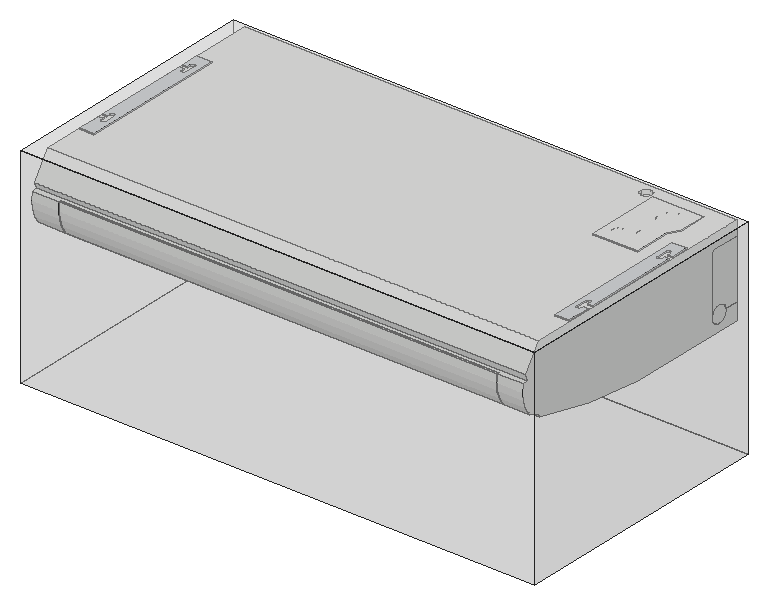
Revit family "outputfile", category 機械設備, Revit 2024
Family settings
  丸型コネクタ寸法 = 半径を使用
  パーツ タイプ = 標準
  OmniClass 番号 = 23.75.10.24.21.27.27
  OmniClass タイトル = Split System Air Conditioning Units
  作業面ベース = いいえ
  常に垂直 = はい
  ロード時にボイドで切り取り = いいえ
  注釈の向きを維持 = いいえ
  共有 = いいえ
  部屋計算ポイント = はい
Parameters (values of type "FHA24CV2S")
  Description = ""
  製造元 = "Daikin"
  書き出し IFC クラス(タイプ) = "IfcUnitaryEquipmentType"
  定義済み IFC タイプ(タイプ) = "AIRCONDITIONINGUNIT"
  Cost = 0
  モデル = "FHA24CV2S"
  Type Comments = ""
  Keynote = ""
  Type Image = (empty or 0)
  Assembly Code = ""
  switch_frequency = yes
  r_Liquid Pipe Size = Liquid Pipe Size / 2  # 4.75 mm
  r_Gas Pipe Size = Gas Pipe Size / 2  # 7.95 mm
  r_Drain Pipe Size = Drain Pipe Size / 2  # 10.0 mm
  l_powersupply [instance] = if(Rear Right Connection_powersupply, 29.0 mm, 175.0 mm)  # 29.0 mm
  h_mountinghole = 2.0 mm  # constant formula
  connector_voltage = Voltage_50Hz  # 220 V
  connector_powerinput = [Power Input (Cooling)]  # 0.000 kW
  connector_phase = Phase_50Hz  # 1
  angle_vertical_powersupply [instance] = if(Rear Right Connection_powersupply, 90.00°, 180.00°)  # 90.00°
  angle_vertical_drainpipe [instance] = if(or(Left Connection_drainpipe, Right Connection_drainpipe), 90.00°, if(Top Connection_drainpipe, 180.00°, -90.00°))  # -90.00°
  angle_horizontal_powersupply [instance] = if(Rear Right Connection_powersupply, 180.00°, 0.00°)  # 180.00°
  angle_horizontal_drainpipe [instance] = if(Right Connection_drainpipe, 90.00°, if(Left Connection_drainpipe, -90.00°, 0.00°))  # 0.00°
  Voltage_comment_50Hz = "220 - 240"
  Voltage_50Hz = 220 V
  URL = ""
  Top Connection_refrigerant [instance] = no
  Top Connection_powersupply [instance] = not(Rear Right Connection_powersupply)  # no
  Right Connection_refrigerant [instance] = no
  Rear Right Connection_refrigerant [instance] = yes
  Phase_50Hz = 1
  Minimum Circuit Amps_50Hz = 0.0 A
  Maximum Fuse Amps_50Hz = 0.0 A
  Material_Casing = DAIKIN_White_Casing_indoorunit
  lw_powersupply [instance] = if(Rear Right Connection_powersupply, 220.0 mm, 210.0 mm)  # 220.0 mm
  lw_mountinghole_pitch = Width - 40.0 mm  # 1230.0 mm
  lw_mountinghole = 20.0 mm  # constant formula
  lw_liquidpipe [instance] = if(Right Connection_refrigerant, 156.0 mm, if(Top Connection_refrigerant, 156.0 mm, 136.0 mm))  # 136.0 mm
  lw_gaspipe = 105.0 mm  # constant formula
  lw_drainpipe [instance] = if(Top Connection_drainpipe, 102.0 mm, if(Width = 960.0 mm, if(or(Left Connection_drainpipe, Rear Left Connection_drainpipe), 884.0 mm, 83.0 mm), if(Width = 1270.0 mm, if(or(Left Connection_drainpipe, Rear Left Connection_drainpipe), 1194.0 mm, 83.0 mm), if(Width = 1590.0 mm, if(or(Left Connection_drainpipe, Rear Left Connection_drainpipe), 1514.0 mm, 83.0 mm), 83.0 mm))))  # 83.0 mm
  lh_powersupply = 175.0 mm  # constant formula
  lh_liquidpipe [instance] = if(Rear Right Connection_refrigerant, 160.0 mm, 131.0 mm)  # 160.0 mm
  lh_gaspipe [instance] = if(Rear Right Connection_refrigerant, 150.0 mm, 91.0 mm)  # 150.0 mm
  lh_drainpipe = 197.0 mm  # constant formula
  l_antena = 1.0 mm  # constant formula
  ld_powersupply = 30.0 mm  # constant formula
  ld_mountinghole_pitch = 260.0 mm  # constant formula
  ld_mountinghole = 210.0 mm  # constant formula
  ld_liquidpipe [instance] = if(Right Connection_refrigerant, 57.0 mm, if(Top Connection_refrigerant, 189.0 mm, 221.0 mm))  # 221.0 mm
  ld_gaspipe [instance] = if(Right Connection_refrigerant, 57.0 mm, if(Top Connection_refrigerant, 163.0 mm, 214.0 mm))  # 214.0 mm
  ld_drainpipe [instance] = if(or(Left Connection_drainpipe, Right Connection_drainpipe), 57.0 mm, if(Top Connection_drainpipe, 87.0 mm, 268.0 mm))  # 268.0 mm
  l_liquidpipe_length [instance] = if(Right Connection_refrigerant, 156.0 mm, if(Top Connection_refrigerant, 131.0 mm, 220.0 mm))  # 220.0 mm
  l_gaspipe_length [instance] = if(Right Connection_refrigerant, 105.0 mm, if(Top Connection_refrigerant, 91.0 mm, 213.0 mm))  # 213.0 mm
  l_drainpipe_length [instance] = if(Right Connection_drainpipe, 83.0 mm, if(Top Connection_drainpipe, 197.0 mm, if(Left Connection_drainpipe, 76.0 mm, 267.0 mm)))  # 267.0 mm
  h*** = 0.0 mm  # constant formula
  angle_vertical [instance] = if(Right Connection_refrigerant, 90.00°, if(Top Connection_refrigerant, 180.00°, -90.00°))  # -90.00°
  angle_horizontal [instance] = if(Right Connection_refrigerant, 90.00°, 0.00°)  # 0.00°
  Width = 1270.0 mm
  Version = "ver.1.0"
  Unit Type = "Ceiling"
  Unit Mass Weight = 32.00 kg
  Unit Designation [instance] = ""
  Uniclass2015Version = "Products v1.30"
  Uniclass2015Title = "Split coil room air conditioning units"
  Uniclass2015Code = "Pr_70_65_03_86"
  Total Cooling Capacity [instance] = 0.000 kW
  Top Connection_drainpipe [instance] = no
  Sound Pressure Level_M speed (dBA) = 36
  Sound Pressure Level_L speed (dBA) = 34
  Sound Pressure Level_H speed (dBA) = 38
  Series = "SkyAir_Fan Coil Unit"
  Sensible Cooling Capacity [instance] = 0.000 kW
  Rear Right Connection_drainpipe [instance] = yes
  Rear Right Connection_powersupply [instance] = yes
  Right Connection_drainpipe [instance] = no
  Refrigerant Type = "R32"
  Power Input (Cooling) = 0.000 kW
  Option Accessory 3 [instance] = ""
  Option Accessory 2 [instance] = ""
  Option Accessory 1 [instance] = ""
  Nominal Cooling Capacity = 7.000 kW
  Minimum Airflow = 840.00 m³/h
  Median Airflow = 1020.00 m³/h
  Maximum Airflow = 1230.00 m³/h
  Load Classification = HVAC
  Liquid Pipe Size = 9.5 mm
  Link_Nested Family [instance] = ""
  Rear Left Connection_drainpipe [instance] = no
  Left Connection_drainpipe [instance] = no
  IfcVersion = ""
  IfcExportType = "AIRCONDITIONINGUNIT"
  IfcExportAs = "IfcUnitaryEquipmentType"
  Height = 235.0 mm
  Heat Exchanger Type = "Cross Fin Coil"
  Gas Pipe Size = 15.9 mm
  Frequency_50Hz = 50 Hz
  Fan Type = "Sirocco Fan"
  Fan Drive = "Direct Drive"
  FCU Tag No. [instance] = ""
  Drain Pipe Size = 20.0 mm
  Design Supply Airflow [instance] = 0.00 m³/h
  Design Outdoor Airflow [instance] = 0.00 m³/h
  Depth = 690.0 mm
  既定の高さ = 0.0 mm
  Cooling Entering Wet Bulb Temperature [instance] = 0.00 °C
  Cooling Entering Dry Bulb Temperature [instance] = 0.00 °C
  Cooling Ambient Wet Bulb Temperature [instance] = 0.00 °C
  Cooling Ambient Dry Bulb Temperature [instance] = 0.00 °C
  Clearance visibility [instance] = yes
  Clearance Top = 5.0 mm
  Clearance Right = 30.0 mm
  Clearance Rear = 0.0 mm
  Clearance Left = 30.0 mm
  Clearance Front = 0.0 mm
  Clearance Bottom = 300.0 mm
Reference planes
  plane 1 "Back": y = 0
  plane 2: z = 0
  plane 3 "Center (Left/Right)": x = 0
  plane 4 "Center (Front/Back)": y = -1
  plane 5 "Front": y = -690
  plane 6 "Left": x = -635
  plane 7 "Right": x = 635
  plane 8 "Top": z = 0
  plane 9 "Bottom": z = -235
  plane 10: y = -690
  plane 11: x = -665
  plane 12: x = 665
  plane 13: z = 5
  plane 14: z = -535
  plane 15: y = 0
  plane 16 "lw_mountinghole": x = -615
  plane 17 "lw_mountinghole2": x = 615
  plane 18 "ld_mountinghole": y = -210
  plane 19 "ld_mountinghole2": y = -470
  plane 20 "lw_gaspipe": x = 530
  plane 21 "ld_gaspipe": y = -214
  plane 22 "lh_gaspipe": z = -150
  plane 23 "lw_liquidpipe": x = 499
  plane 24 "ld_liquidpipe": y = -221
  plane 25 "lh_liquidpipe": z = -160
  plane 26 "ld_drainpipe": y = -268
  plane 27 "lw_drainpipe": x = 552
  plane 28 "lh_drainpipe": z = -197
  plane 29 "lw_powersupply": x = 415
  plane 30 "lh_powersupply": z = -175
  plane 31 "ld_powersupply": y = -30
  plane 32: x = -565.5
  plane 33: x = 565.5
  plane 34: x = -590
  plane 35: x = 590
  plane 36: x = -2
  plane 37: x = 2
Forms (mm)
  Extrusion 1, solid, material "DAIKIN_White_Casing_indoorunit" <- "Material_Casing"
    sketch origin (0, 0, 0) x (0, 1, 0) y (0, 0, 1)
      loop
        line (-639.277, 0) -> (-680.876, -61.699) -> (-675.026, -77.772)
        arc (-675.026, -77.772) -> (-681.815, -78.743) -> (-688.601, -79.732) r 2634.132
        arc (-688.601, -79.732) -> (-687.018, -121.096) -> (-669.159, -158.439) r 102.2
        line (-669.159, -158.439) -> (-639.858, -169.325) -> (-635.895, -178.261)
        arc (-635.895, -178.261) -> (-479.121, -215.759) -> (-319.077, -235) r 1400.997
        line (-319.077, -235) -> (-1, -235) -> (-1, 0) -> (-639.277, 0)
    from -635 to 635
  Extrusion 2, solid, material "DAIKIN_White_Casing_indoorunit" <- "Material_Casing"
    sketch origin (0, 0, 0) x (0, 1, 0) y (0, 0, 1)
      loop
        arc (-688.601, -79.732) -> (-687.018, -121.096) -> (-669.159, -158.439) r 102.2
        line (-669.159, -158.439) -> (-665.589, -154.869)
        arc (-665.589, -154.869) -> (-682.432, -118.783) -> (-683.39, -78.971) r 97.2
        arc (-683.39, -78.971) -> (-685.996, -79.351) -> (-688.601, -79.732) r 2634.132
    from -565.5 to 565.5
  Extrusion 3, void
    sketch origin (0, 0, 0) x (0, 1, 0) y (0, 0, 1)
      loop
        line (-301.098, -235) -> (-21.098, -235) -> (-21.098, -230) -> (-301.098, -230) -> (-301.098, -235)
    from -590 to 590
  Extrusion 4, solid, material "DAIKIN_White_Grille_indoorunit"
    sketch origin (0, 0, 0) x (0, 1, 0) y (0, 0, 1)
      loop
        line (-20.098, -230) -> (-301.098, -230) -> (-301.098, -235) -> (-20.098, -235) -> (-20.098, -230)
    from -590 to -2
  Extrusion 5, solid, material "DAIKIN_White_Casing_indoorunit" <- "Material_Casing"
    sketch origin (0, 0, 0) x (1, 0, 0) y (0, 0, 1)
      loop
        line (442, -63) -> (442, -178) -> (513, -220) -> (576, -220) -> (576, -63) -> (442, -63)
    from 0 to 1
  Extrusion 6, solid, material "DAIKIN_White_Casing_indoorunit" <- "Material_Casing"
    sketch origin (0, 0, 0) x (-1, 0, 0) y (0, -1, 0)
      loop
        line (-447, 35) -> (-447, 230) -> (-563, 230) -> (-563, 135) -> (-578, 105) -> (-578, 35) -> (-447, 35)
    from 0 to 1.9
  Extrusion 7, void
    sketch origin (635, 0, 0) x (0, 1, 0) y (0, 0, 1)
      loop
        arc (-79.5, -195) -> (-55.446, -217.446) -> (-34.715, -191.9) r 22.5
        line (-34.715, -191.9) -> (-1, -191.9) -> (-1, -190.1) -> (-35.04, -190.1)
        arc (-35.04, -190.1) -> (-54.942, -172.594) -> (-77.7, -186.182) r 22.5
        line (-77.7, -186.182) -> (-77.7, -43)
        arc (-77.7, -43) -> (-76.528, -40.172) -> (-73.7, -39) r 4
        line (-73.7, -39) -> (-1, -39) -> (-1, -37.2) -> (-73.7, -37.2)
        arc (-73.7, -37.2) -> (-77.801, -38.899) -> (-79.5, -43) r 5.8
        line (-79.5, -43) -> (-79.5, -195)
      loop
        circle (-57, -195) r 20.7
    from 0 to -10
  Extrusion 8, void
    sketch origin (-1444.026, -1, 1200) x (1, 0, 0) y (0, 0, 1)
      loop
        arc (875.026, -1375) -> (864.42, -1379.393) -> (860.026, -1390) r 15
        line (860.026, -1390) -> (860.026, -1400)
        arc (860.026, -1400) -> (864.42, -1410.607) -> (875.026, -1415) r 15
        line (875.026, -1415) -> (905.026, -1415)
        arc (905.026, -1415) -> (915.633, -1410.607) -> (920.026, -1400) r 15
        line (920.026, -1400) -> (920.026, -1390)
        arc (920.026, -1390) -> (915.633, -1379.393) -> (905.026, -1375) r 15
        line (905.026, -1375) -> (875.026, -1375)
    from 0 to 10
  Extrusion 9, void
    sketch origin (-635, 0, 0) x (0, 1, 0) y (0, 0, 1)
      loop
        circle (-57, -197) r 22.5
    from 0 to 10
  Extrusion 10, void
    sketch origin (-1444.026, -1, 1200) x (1, 0, 0) y (0, 0, 1)
      loop
        circle (1976.026, -1375) r 44
    from 0 to 10
  Extrusion 11, void
    sketch origin (0, 0, 0) x (-1, 0, 0) y (0, -1, 0)
      loop
        circle (-533, 87) r 30
    from 0 to -10
  Extrusion 12, void
    sketch origin (0, 0, 0) x (-1, 0, 0) y (0, -1, 0)
      loop
        circle (-530, 163) r 18
    from 0 to -10
  Extrusion 13, void
    sketch origin (0, 0, 0) x (-1, 0, 0) y (0, -1, 0)
      loop
        circle (-479, 189) r 13
    from 0 to -10
  Extrusion 14, void
    sketch origin (-1444.026, -1, 1200) x (1, 0, 0) y (0, 0, 1)
      loop
        circle (1859.026, -1375) r 14.5
    from 0 to 10
  Extrusion 15, void
    sketch origin (0, 0, 0) x (-1, 0, 0) y (0, -1, 0)
      loop
        circle (-425, 30) r 14.5
    from 0 to -10
  Extrusion 16, void
    sketch origin (635, 0, 0) x (0, 1, 0) y (0, 0, 1)
      loop
        arc (-665.589, -154.869) -> (-682.432, -118.783) -> (-683.39, -78.971) r 97.2
        arc (-683.39, -78.971) -> (-685.996, -79.351) -> (-688.601, -79.732) r 2634.132
        arc (-688.601, -79.732) -> (-687.018, -121.096) -> (-669.159, -158.439) r 102.2
        line (-669.159, -158.439) -> (-665.589, -154.869)
    from -69.5 to -1200.5
  Extrusion 17, solid, material "DAIKIN_White_Casing_indoorunit" <- "Material_Casing"
    sketch origin (-635, 0, 0) x (0, 1, 0) y (0, 0, 1)
      loop
        circle (-57, -197) r 22.5
    from 0 to 10
  Extrusion 18, solid, material "DAIKIN_White_Grille_indoorunit"
    sketch origin (780, 0, 0) x (0, 1, 0) y (0, 0, 1)
      loop
        line (-20.098, -230) -> (-301.098, -230) -> (-301.098, -235) -> (-20.098, -235) -> (-20.098, -230)
    from -782 to -778
  Extrusion 19, solid, material "DAIKIN_White_Grille_indoorunit"
    sketch origin (0, 0, 0) x (0, 1, 0) y (0, 0, -1)
      loop
        line (-20.098, 230) -> (-20.098, 235) -> (-301.098, 235) -> (-301.098, 230) -> (-20.098, 230)
    from -590 to -2
Cuts and joins
  Extrusion 3, Extrusion 7, Extrusion 8, Extrusion 9, Extrusion 10, Extrusion 11, Extrusion 12, Extrusion 13, Extrusion 14, Extrusion 15, Extrusion 16 cuts Extrusion 1
Lines and regions (mm)
  reference lines
    curve 1: line (635, -580.282, -192.75) -> (635, -551.225, -200.21)
Dimensions and locks
  equal spacing: plane 6 "Left", plane 3 "Center (Left/Right)", plane 7 "Right"
  "Width": plane 6 "Left" to plane 7 "Right"
  "Depth": plane 5 "Front" to plane 1 "Back"
  "Height": plane 8 "Top" to plane 9 "Bottom"
  "Clearance Front": plane 10 to plane 5 "Front"
  "Clearance Left": plane 11 to plane 6 "Left"
  "Clearance Right": plane 7 "Right" to plane 12
  "Clearance Top": plane 13 to plane 8 "Top"
  "Clearance Bottom": plane 9 "Bottom" to plane 14
  "Clearance Rear": plane 1 "Back" to plane 15
  locked: plane 4 "Center (Front/Back)" to plane 1 "Back" at 1
  locked: Extrusion 1 sketch curve to Extrusion 1 sketch curve at 235
  locked: Extrusion 1 sketch curve to Extrusion 1 sketch curve at 318.077
  locked: Extrusion 1 sketch curve to Extrusion 1 sketch curve at 1163.297
  locked: Extrusion 1 sketch curve to Extrusion 1 sketch curve at 231.144
  Extrusion 3 sketch curve to Extrusion 3 sketch curve to plane 1 "Back" = 280.0 mm locked, 21.098 mm locked
  "ld_mountinghole": plane 18 "ld_mountinghole" to plane 1 "Back"
  "ld_mountinghole_pitch": plane 18 "ld_mountinghole" to plane 19 "ld_mountinghole2"
  "lw_mountinghole_pitch": plane 16 "lw_mountinghole" to plane 17 "lw_mountinghole2"
  "lw_mountinghole": plane 6 "Left" to plane 16 "lw_mountinghole"
  "lw_gaspipe": plane 20 "lw_gaspipe" to plane 7 "Right"
  "ld_gaspipe": plane 1 "Back" to plane 21 "ld_gaspipe"
  "lw_liquidpipe": plane 23 "lw_liquidpipe" to plane 7 "Right"
  "ld_liquidpipe": plane 1 "Back" to plane 24 "ld_liquidpipe"
  "lw_drainpipe": plane 27 "lw_drainpipe" to plane 7 "Right"
  "ld_drainpipe": plane 26 "ld_drainpipe" to plane 1 "Back"
  plane 8 "Top" to Extrusion 5 sketch curve to Extrusion 5 sketch curve = 63.0 mm locked, 157.0 mm locked
  plane 7 "Right" to Extrusion 5 sketch curve to Extrusion 5 sketch curve = 59.0 mm locked, 134.0 mm locked
  locked: Extrusion 5 sketch curve to Extrusion 5 sketch curve at 115
  locked: Extrusion 5 sketch curve to Extrusion 5 sketch curve at 63
  locked: Extrusion 6 sketch curve to Extrusion 6 sketch curve at 195
  locked: Extrusion 6 sketch curve to Extrusion 6 sketch curve at 116
  locked: Extrusion 6 sketch curve to Extrusion 6 sketch curve at 131
  locked: Extrusion 6 sketch curve to Extrusion 6 sketch curve at 100
  locked: Extrusion 6 sketch curve to plane 1 "Back" at 35
  locked: Extrusion 6 sketch curve to plane 7 "Right" at 57
  locked: Extrusion 8 sketch curve to Extrusion 8 sketch curve at 40
  locked: Extrusion 8 sketch curve to Extrusion 8 sketch curve at 60
  locked: plane 8 "Top" to Extrusion 8 sketch curve at 175
  locked: Extrusion 8 sketch curve to plane 6 "Left" at 51
  locked: plane 7 "Right" to Extrusion 10 sketch curve at 103
  locked: plane 8 "Top" to Extrusion 10 sketch curve at 175
  locked: Extrusion 11 sketch curve to plane 1 "Back" at 87
  locked: Extrusion 11 sketch curve to plane 7 "Right" at 102
  locked: Extrusion 12 sketch curve to plane 1 "Back" at 163
  locked: Extrusion 12 sketch curve to plane 7 "Right" at 105
  locked: Extrusion 13 sketch curve to plane 1 "Back" at 189
  locked: Extrusion 13 sketch curve to plane 7 "Right" at 156
  "lw_powersupply": plane 29 "lw_powersupply" to plane 7 "Right"
  "lh_gaspipe": plane 8 "Top" to plane 22 "lh_gaspipe"
  "lh_liquidpipe": plane 8 "Top" to plane 25 "lh_liquidpipe"
  "lh_powersupply": plane 8 "Top" to plane 30 "lh_powersupply"
  "lh_drainpipe": plane 8 "Top" to plane 28 "lh_drainpipe"
  "ld_powersupply": plane 1 "Back" to plane 31 "ld_powersupply"
  locked: plane 8 "Top" to Extrusion 7 sketch curve at 195
  locked: Extrusion 7 sketch curve to plane 1 "Back" at 57
  locked: plane 9 "Bottom" to Extrusion 7 sketch curve at 43.1
  locked: Extrusion 7 sketch curve to plane 8 "Top" at 39
  locked: Extrusion 7 sketch curve to plane 1 "Back" at 79.5
  locked: Extrusion 9 sketch curve to plane 1 "Back" at 57
  locked: plane 8 "Top" to Extrusion 9 sketch curve at 197
  locked: Extrusion 17 sketch curve to plane 1 "Back" at 57
  locked: plane 8 "Top" to Extrusion 17 sketch curve at 197
  locked: plane 7 "Right" to Extrusion 14 sketch curve at 220
  locked: plane 8 "Top" to Extrusion 14 sketch curve at 175
  locked: Extrusion 15 sketch curve to plane 7 "Right" at 210
  locked: Extrusion 15 sketch curve to plane 1 "Back" at 30
  locked: curve 1 to plane 9 "Bottom" at 34.79
  locked: curve 1 to plane 9 "Bottom" at 42.25
  locked: plane 6 "Left" to plane 32 at 69.5
  locked: plane 33 to plane 7 "Right" at 69.5
  locked: plane 35 to plane 7 "Right" at 45
  locked: plane 6 "Left" to plane 34 at 45
  plane 36 to plane 3 "Center (Left/Right)" to plane 37 = 2.0 mm locked, 2.0 mm locked
  locked: curve 1 to plane 9 "Bottom" (angle 14.40°)
  aligned and locked: level to plane 2
  aligned and locked: nested 1 to plane 11
  aligned and locked: nested 1 to plane 12
  aligned and locked: nested 1 to plane 10
  aligned and locked: plane 13 to nested 1
  aligned and locked: plane 14 to nested 1
  aligned and locked: plane 15 to nested 1
  aligned and locked: Extrusion 1 sketch curve to plane 8 "Top"
  aligned and locked: Extrusion 2 sketch curve to Extrusion 1  (x2)
  aligned and locked: plane 7 "Right" to Extrusion 1
  aligned and locked: Extrusion 1 to plane 6 "Left"
  aligned and locked: cut or joined group 1 (Extrusion 1, Extrusion 3, Extrusion 7, Extrusion 8, Extrusion 9, Extrusion 10, Extrusion 11, Extrusion 12, Extrusion 13, Extrusion 14, Extrusion 15, Extrusion 16) to Extrusion 3 sketch curve
  aligned and locked: cut or joined group 1 to Extrusion 4 sketch curve
  aligned and locked: Extrusion 5 to plane 4 "Center (Front/Back)"
  aligned and locked: Extrusion 7 sketch curve to plane 4 "Center (Front/Back)"
  aligned and locked: Extrusion 16 sketch curve to Extrusion 2  (x4)
  aligned and locked: Extrusion 16 to Extrusion 2  (x2)
  aligned and locked: nested 2 to plane 26 "ld_drainpipe"
  aligned and locked: plane 27 "lw_drainpipe" to nested 2
  aligned and locked: plane 20 "lw_gaspipe" to nested 3
  aligned and locked: nested 3 to plane 21 "ld_gaspipe"
  aligned and locked: plane 23 "lw_liquidpipe" to nested 4
  aligned and locked: nested 4 to plane 24 "ld_liquidpipe"
  aligned and locked: plane 25 "lh_liquidpipe" to nested 4
  aligned and locked: nested 5 to plane 31 "ld_powersupply"
  aligned and locked: plane 29 "lw_powersupply" to nested 5
  aligned and locked: nested 7 to plane 18 "ld_mountinghole"
  aligned and locked: plane 16 "lw_mountinghole" to nested 7
  aligned and locked: nested 6 to plane 19 "ld_mountinghole2"
  aligned and locked: plane 16 "lw_mountinghole" to nested 6
  aligned and locked: nested 9 to plane 18 "ld_mountinghole"
  aligned and locked: plane 17 "lw_mountinghole2" to nested 9
  aligned and locked: plane 17 "lw_mountinghole2" to nested 8
  aligned and locked: nested 8 to plane 19 "ld_mountinghole2"
  aligned and locked: nested 10 to curve 1
  aligned and locked: level to plane 8 "Top"
  aligned and locked: cut or joined group 1 to plane 32
  aligned and locked: plane 33 to cut or joined group 1
  aligned and locked: Extrusion 16 to plane 32
  aligned and locked: plane 33 to Extrusion 16
  aligned and locked: Extrusion 4 to plane 34
  aligned and locked: cut or joined group 1 to plane 34
  aligned and locked: plane 34 to Extrusion 4  (x3)
  aligned and locked: plane 16 "lw_mountinghole" to nested 11
  aligned and locked: plane 17 "lw_mountinghole2" to nested 12
  aligned and locked: plane 36 to Extrusion 4
  aligned and locked: Extrusion 18 to plane 36
  aligned and locked: plane 37 to Extrusion 18
  aligned and locked: Extrusion 19 to plane 37
  aligned and locked: plane 37 to Extrusion 19
  aligned and locked: plane 35 to Extrusion 19
  aligned and locked: plane 35 to Extrusion 3
  aligned and locked: Extrusion 4 to cut or joined group 1
  aligned and locked: cut or joined group 1 to Extrusion 18
  aligned and locked: cut or joined group 1 to Extrusion 19
Automatic sketch dimensions
  Extrusion 1 sketch curve to plane 4 "Center (Front/Back)" = 0.0 mm
  Extrusion 1 sketch curve to plane 5 "Front" = 102.2 mm
  Extrusion 1 sketch curve to plane 30 "lh_powersupply" = 3.261 mm
  Extrusion 1 sketch curve to plane 5 "Front" = 50.723 mm
  plane 30 "lh_powersupply" to Extrusion 1 sketch curve = 5.675 mm
  Extrusion 1 sketch curve to Extrusion 1 sketch curve = 3.963 mm
  plane 25 "lh_liquidpipe" to Extrusion 1 sketch curve = 1.561 mm
  Extrusion 1 sketch curve to plane 5 "Front" = 20.841 mm
  Extrusion 1 sketch curve to plane 5 "Front" = 14.974 mm
  Extrusion 1 sketch curve to plane 5 "Front" = 9.124 mm
  Extrusion 1 sketch curve to plane 26 "ld_drainpipe" = 37.278 mm
  Extrusion 1 sketch curve to plane 14 = 2150.825 mm
  plane 22 "lh_gaspipe" to Extrusion 1 sketch curve = 53.413 mm
  Extrusion 1 sketch curve to level = 77.772 mm
  Extrusion 1 sketch curve to Extrusion 1 sketch curve = 16.072 mm
  Extrusion 2 sketch curve to Extrusion 2 sketch curve = 0.0 mm  (x2)
  plane 25 "lh_liquidpipe" to Extrusion 2 sketch curve = 1.561 mm
  Extrusion 2 sketch curve to plane 22 "lh_gaspipe" = 4.869 mm
  Extrusion 2 sketch curve to Extrusion 2 sketch curve = 3.57 mm
  Extrusion 3 sketch curve to Extrusion 3 sketch curve = 5.0 mm
  plane 31 "ld_powersupply" to Extrusion 4 sketch curve = 9.902 mm
  Extrusion 4 sketch curve to Extrusion 4 sketch curve = 5.0 mm
  Extrusion 6 sketch curve to Extrusion 6 sketch curve = 30.0 mm
  Extrusion 7 sketch curve to Extrusion 7 sketch curve = 0.0 mm  (x6)
  Extrusion 7 sketch curve to plane 4 "Center (Front/Back)" = 0.0 mm  (x2)
  Extrusion 7 sketch curve to Extrusion 7 sketch curve = 1.8 mm  (x2)
  Extrusion 7 sketch curve to Extrusion 7 sketch curve = 4.0 mm
  Extrusion 7 sketch curve to Extrusion 7 sketch curve = 0.325 mm
  Extrusion 8 sketch curve to plane 32 = 3.5 mm  (x2)
  Extrusion 8 sketch curve to plane 28 "lh_drainpipe" = 3.0 mm
  Extrusion 8 sketch curve to Extrusion 8 sketch curve = 15.0 mm
  curve 1 to plane 5 "Front" = 109.718 mm
  Extrusion 18 sketch curve to plane 9 "Bottom" = 0.0 mm
  plane 9 "Bottom" to Extrusion 18 sketch curve = 5.0 mm
  Extrusion 18 sketch curve to plane 26 "ld_drainpipe" = 33.098 mm
  plane 31 "ld_powersupply" to Extrusion 18 sketch curve = 9.902 mm
  Extrusion 19 sketch curve to plane 9 "Bottom" = 0.0 mm
  plane 9 "Bottom" to Extrusion 19 sketch curve = 5.0 mm
  Extrusion 19 sketch curve to plane 26 "ld_drainpipe" = 33.098 mm
  plane 31 "ld_powersupply" to Extrusion 19 sketch curve = 9.902 mm
  Extrusion 4 sketch curve to plane 26 "ld_drainpipe" = 33.098 mm
  radius of Extrusion 7 sketch curve = 20.7 mm
  radius of Extrusion 9 sketch curve = 22.5 mm
  radius of Extrusion 10 sketch curve = 44.0 mm
  radius of Extrusion 11 sketch curve = 30.0 mm
  radius of Extrusion 12 sketch curve = 18.0 mm
  radius of Extrusion 13 sketch curve = 13.0 mm
  radius of Extrusion 14 sketch curve = 14.5 mm
  radius of Extrusion 15 sketch curve = 14.5 mm
  radius of Extrusion 17 sketch curve = 22.5 mm
Nested families
  nested 1: "daikin_clearancespace" at (0, -345, -264.881), visible <- "Clearance visibility", show <- "Clearance visibility", Link_Nested Family <- "Link_Nested Family", type "daikin_clearancespace"
    with width 1330.0 mm, show yes, height 540.0 mm, depth 690.0 mm, Link_Nested Family ""
  nested 2: "daikin_connector_rotate3" at (552, -268, -197), radius <- "r_Drain Pipe Size", angle_vertical <- "angle_vertical_drainpipe", angle_horizontal <- "angle_horizontal_drainpipe", length <- "l_drainpipe_length", type "daikin_connector_rotate3"
    with show no, radius 10.0 mm, length 267.0 mm, angle_vertical -90.00°, angle_horizontal 0.00°
  nested 3: "daikin_connector_rotate3" at (530, -214, -150), radius <- "r_Gas Pipe Size", angle_vertical <- "angle_vertical", angle_horizontal <- "angle_horizontal", length <- "l_gaspipe_length", type "daikin_connector_rotate3"
    with show no, radius 7.95 mm, length 213.0 mm, angle_vertical -90.00°, angle_horizontal 0.00°
  nested 4: "daikin_connector_rotate3" at (499, -221, -160), radius <- "r_Liquid Pipe Size", angle_vertical <- "angle_vertical", angle_horizontal <- "angle_horizontal", length <- "l_liquidpipe_length", type "daikin_connector_rotate3"
    with show no, radius 4.75 mm, length 220.0 mm, angle_vertical -90.00°, angle_horizontal 0.00°
  nested 5: "daikin_connector_rotate3" at (415, -30, -175), length <- "l_powersupply", angle_vertical <- "angle_vertical_powersupply", angle_horizontal <- "angle_horizontal_powersupply", type "daikin_connector_rotate3"
    with show no, radius 10.0 mm, length 29.0 mm, angle_vertical 90.00°, angle_horizontal 180.00°
  nested 6: "daikin_mountinghole" at (-615, -470, 0), l_antenna <- "l_antena", Link_Nested Family <- "Link_Nested Family", h_mountinghole <- "h_mountinghole", type "daikin_mountinghole"
    with show yes, l_antenna 1.0 mm, h_mountinghole 2.0 mm, Link_Nested Family ""
  nested 7: "daikin_mountinghole" at (-615, -210, 0), l_antenna <- "l_antena", Link_Nested Family <- "Link_Nested Family", h_mountinghole <- "h_mountinghole", type "daikin_mountinghole"
    with show yes, l_antenna 1.0 mm, h_mountinghole 2.0 mm, Link_Nested Family ""
  nested 8: "daikin_mountinghole" at (615, -470, 0), l_antenna <- "l_antena", Link_Nested Family <- "Link_Nested Family", h_mountinghole <- "h_mountinghole", type "daikin_mountinghole"
    with show yes, l_antenna 1.0 mm, h_mountinghole 2.0 mm, Link_Nested Family ""
  nested 9: "daikin_mountinghole" at (615, -210, 0), Link_Nested Family <- "Link_Nested Family", l_antenna <- "l_antena", h_mountinghole <- "h_mountinghole", type "daikin_mountinghole"
    with show yes, l_antenna 1.0 mm, h_mountinghole 2.0 mm, Link_Nested Family ""
  nested 10: "daikin_logo_plane_w40" at (487.963, -559.801, -198.008) x (1, 0, 0) z (0, -0.2487, -0.9686), type "daikin_logo_plane_w40"
    with show_logo yes
  nested 11: "daikin_hangerfixture_FHA-CV2S" at (-615, 0, 0), type "daikin_hangerfixture_FHA-CV2S"
    with width 38.0 mm, height 2.0 mm, depth 380.0 mm
  nested 12: "daikin_hangerfixture_FHA-CV2S" at (615, 0, 0) x (-1, 0, 0) z (0, 0, 1), type "daikin_hangerfixture_FHA-CV2S"
    with width 38.0 mm, height 2.0 mm, depth 380.0 mm
Connectors
  piping at (552, -1, -197), diameter 20, driven by "r_Drain Pipe Size"
    settings: on nested 2, index 1, connector inside diameter 609.6 mm, connector length 0.0 mm, flow factor 0, pipe flow 0.00 m³/h, pressure drop 0.0 Pa, fitting loss kfactor 0, connector angle 0.00°, fixture units 0, engagement length 0.0 mm, angle of deflection 0.00°, flow configuration 1, flow direction 2, fitting loss method 4, system type 16, joint type 0, gender type 0, connector reference index -1, connector utility 0, adjustable connector no, is connector primary yes, connector description "Condensate Drain Piping"
  piping at (530, -1, -150), diameter 15.9, driven by "r_Gas Pipe Size"
    settings: on nested 3, index 3, connector inside diameter 609.6 mm, connector length 0.0 mm, flow factor 0, pipe flow 0.00 m³/h, pressure drop 0.0 Pa, fitting loss kfactor 0, connector angle 0.00°, fixture units 0, engagement length 0.0 mm, angle of deflection 0.00°, flow configuration 1, flow direction 2, fitting loss method 0, system type 29, joint type 0, gender type 0, connector reference index -1, connector utility 0, adjustable connector no, is connector primary no, connector description "Refrigerant Gas Piping"
  piping at (499, -1, -160), diameter 9.5, driven by "r_Liquid Pipe Size"
    settings: on nested 4, index 4, connector inside diameter 609.6 mm, connector length 0.0 mm, flow factor 0, pipe flow 0.00 m³/h, pressure drop 0.0 Pa, fitting loss kfactor 0, connector angle 0.00°, fixture units 0, engagement length 0.0 mm, angle of deflection 0.00°, flow configuration 1, flow direction 1, fitting loss method 0, system type 29, joint type 0, gender type 0, connector reference index -1, connector utility 0, adjustable connector no, is connector primary no, connector description "Refrigerant Liquid Piping"
  electrical at (415, -1, -175), driven by "Load Classification", driven by "connector_powerinput", driven by "connector_phase", driven by "connector_voltage"
    settings: on nested 5, index 6, voltage 220 V, apparent load 0 VA, apparent load phase1 0 VA, apparent load phase2 0 VA, apparent load phase3 0 VA, power factor 1, load classification "HVAC", number of poles 1, system type 30, power factor state 1, is connector primary yes, connector utility no, sub classification motor no, connector description "Power Supply"
Definition of nested family "daikin_clearancespace"
  Parameters (values of type "daikin_clearancespace")
    Description = "daikin_clearancespace"
    width [instance] = 1823.963 mm
    show [instance] = yes
    material = none
    height [instance] = 1359.762 mm
    depth [instance] = 880.0 mm
    Default Elevation = 0.0 mm
    Link_Nested Family [instance] = ""
  Reference planes
    plane 1 "Center (Front/Back)": y = 0
    plane 2 "Center (Elevation)": z = -0.119
    plane 3 "Center (Left/Right)": x = 0
    plane 4: y = 440
    plane 5: y = -440
    plane 6 "Right": x = 911.982
    plane 7 "Left": x = -911.982
    plane 8 "Top": z = 679.762
    plane 9 "Bottom": z = -680
  Forms (mm)
    Extrusion 1, solid, material <- "material", visible <- "show"
      sketch origin (0, 0, 0) x (1, 0, 0) y (0, 1, 0)
        loop
          line (-911.982, 440) -> (-911.982, -440) -> (911.982, -440) -> (911.982, 440) -> (-911.982, 440)
      from -680 to 679.762
  Lines and regions (mm)
    symbolic lines, visible <- "show"
      curve 1: line (911.982, 440, 0) -> (-911.982, 440, 0)
      curve 2: line (-911.982, 440, 0) -> (-911.982, -440, 0)
      curve 3: line (-911.982, -440, 0) -> (911.982, -440, 0)
      curve 4: line (911.982, -440, 0) -> (911.982, 440, 0)
      curve 5: line (911.982, 0, 679.762) -> (-911.982, 0, 679.762)
      curve 6: line (911.982, 0, -680) -> (911.982, 0, 679.762)
      curve 7: line (-911.982, 0, -680) -> (911.982, 0, -680)
      curve 8: line (-911.982, 0, 679.762) -> (-911.982, 0, -680)
      curve 9: line (0, 440, 679.762) -> (0, -440, 679.762)
      curve 10: line (0, -440, 679.762) -> (0, -440, -680)
      curve 11: line (0, 440, -680) -> (0, 440, 679.762)
      curve 12: line (0, -440, -680) -> (0, 440, -680)
  Dimensions and locks
    "width": plane 7 "Left" to plane 6 "Right"
    "depth": plane 4 to plane 5
    "height": plane 8 "Top" to plane 9 "Bottom"
    equal spacing: plane 7 "Left", plane 3 "Center (Left/Right)", plane 6 "Right"
    equal spacing: plane 4, plane 1 "Center (Front/Back)", plane 5
    equal spacing: plane 8 "Top", plane 2 "Center (Elevation)", plane 9 "Bottom"
    aligned and locked: level to plane 2 "Center (Elevation)"
    aligned and locked: Extrusion 1 sketch curve to plane 4
    aligned and locked: plane 7 "Left" to Extrusion 1 sketch curve
    aligned and locked: Extrusion 1 sketch curve to plane 5
    aligned and locked: Extrusion 1 sketch curve to plane 6 "Right"
    aligned and locked: plane 8 "Top" to Extrusion 1
    aligned and locked: curve 1 to Extrusion 1
    aligned and locked: curve 2 to Extrusion 1
    aligned and locked: curve 3 to Extrusion 1
    aligned and locked: curve 4 to Extrusion 1
    aligned and locked: curve 5 to Extrusion 1
    aligned and locked: curve 6 to Extrusion 1
    aligned and locked: curve 7 to Extrusion 1
    aligned and locked: curve 8 to Extrusion 1
    aligned and locked: curve 9 to Extrusion 1
    aligned and locked: curve 10 to Extrusion 1
    aligned and locked: curve 11 to Extrusion 1
    aligned and locked: curve 12 to Extrusion 1
    aligned and locked: Extrusion 1 to plane 9 "Bottom"
Definition of nested family "daikin_logo_plane_w40"
  Parameters (values of type "daikin_logo_plane_w40")
    width = 40.0 mm
    show_logo [instance] = yes
    material = none
    height = 0.0 mm
    depth = 0.0 mm
    Default Elevation = 1219.2 mm
  Reference planes
    plane 1 "Center (Front/Back)": y = 0
    plane 2: z = 0
    plane 3 "Center (Left/Right)": x = 0
    plane 4: z = 2
    plane 5 "left": x = -19
    plane 6: x = 19
  Forms (mm)
    Extrusion 1, solid, visible <- "show_logo"
      sketch origin (-19, 0, 0) x (1, 0, 0) y (0, 1, 0)
        loop
          line (8.902, -1.878) -> (7.789, -6.332) -> (11.13, -6.332)
          arc (11.13, -6.332) -> (12.454, -6.064) -> (13.472, -5.176) r 2.642
          arc (13.472, -5.176) -> (13.92, -4.02) -> (13.767, -2.79) r 2.537
          arc (13.767, -2.79) -> (13.452, -2.342) -> (12.982, -2.06) r 1.321
          arc (12.982, -2.06) -> (12.063, -1.902) -> (11.13, -1.878) r 6.479
          line (11.13, -1.878) -> (8.902, -1.878)
        loop
          line (10.016, -5.441) -> (10.907, -5.441)
          arc (10.907, -5.441) -> (11.591, -4.983) -> (11.988, -4.261) r 1.742
          spline (11.988, -4.261) -> (12.01, -4.155) -> (12.027, -4.03) -> (12.037, -3.893) -> (12.037, -3.747) -> (12.026, -3.598) -> (12.002, -3.451) -> (11.962, -3.31) -> (11.905, -3.181) -> (11.829, -3.069) -> (11.731, -2.978) -> (11.61, -2.913) -> (11.464, -2.88)
          line (11.464, -2.88) -> (10.573, -2.88) -> (10.016, -5.441)
        loop
          line (13.58, -6.332) -> (14.805, -6.332) -> (15.223, -5.553) -> (16.977, -5.553) -> (17.144, -6.332) -> (19.149, -6.332) -> (18.258, -1.878) -> (16.03, -1.878) -> (13.58, -6.332)
        loop
          line (16.476, -3.214) -> (15.76, -4.551) -> (16.762, -4.551) -> (16.476, -3.214)
        loop
          line (19.705, -6.332) -> (21.599, -6.332) -> (22.712, -1.878) -> (20.819, -1.878) -> (19.705, -6.332)
        loop
          line (22.712, -6.332) -> (24.606, -6.332) -> (24.908, -5.122) -> (25.831, -6.332) -> (28.17, -6.332) -> (26.388, -3.994) -> (28.949, -1.878) -> (26.945, -1.878) -> (25.401, -3.153) -> (25.719, -1.878) -> (23.826, -1.878) -> (22.712, -6.332)
        loop
          line (29.84, -1.878) -> (28.615, -6.332) -> (30.62, -6.332) -> (31.734, -1.878) -> (29.84, -1.878)
        loop
          line (31.734, -6.332) -> (33.07, -6.332) -> (33.7, -3.814) -> (34.518, -6.332) -> (36.745, -6.332) -> (37.859, -1.878) -> (36.523, -1.878) -> (35.845, -4.589) -> (34.963, -1.878) -> (32.847, -1.878) -> (31.734, -6.332)
      from 0 to 2
    Extrusion 2, solid, visible <- "show_logo"
      sketch origin (-19, 0, 0) x (1, 0, 0) y (0, 1, 0)
        loop
          line (8.7, 0) -> (4.235, 0) -> (0, -3.879) -> (0, -8) -> (8.7, 0)
      from 0 to 2
    Extrusion 3, solid, visible <- "show_logo"
      sketch origin (-19, 0, 0) x (1, 0, 0) y (0, 1, 0)
        loop
          line (0, 0) -> (0, -3.879) -> (4.235, 0) -> (0, 0)
      from 0 to 2
  Dimensions and locks
    plane 4 to plane 2 = 2.0 mm
    equal spacing: plane 5 "left", plane 3 "Center (Left/Right)", plane 6
    locked: plane 5 "left" to plane 6 at 38
    aligned and locked: level to plane 2
    aligned and locked: Extrusion 3 to plane 1 "Center (Front/Back)"  (x2)
    aligned and locked: Extrusion 2 to plane 1 "Center (Front/Back)"  (x2)
    aligned and locked: plane 4 to Extrusion 1
    aligned and locked: plane 4 to Extrusion 3
    aligned and locked: plane 4 to Extrusion 2
    aligned and locked: Extrusion 3 to plane 5 "left"
    aligned and locked: Extrusion 2 to plane 5 "left"
  Automatic sketch dimensions
    Extrusion 1 sketch curve to Extrusion 1 sketch curve = 0.901 mm
    Extrusion 1 sketch curve to Extrusion 1 sketch curve = 1.559 mm
    Extrusion 1 sketch curve to Extrusion 1 sketch curve = 1.327 mm
    Extrusion 1 sketch curve to Extrusion 1 sketch curve = 2.145 mm
    Extrusion 1 sketch curve to Extrusion 1 sketch curve = 1.448 mm
    Extrusion 1 sketch curve to Extrusion 1 sketch curve = 2.116 mm
    Extrusion 1 sketch curve to Extrusion 1 sketch curve = 1.114 mm  (x4)
    Extrusion 1 sketch curve to Extrusion 1 sketch curve = 1.336 mm  (x2)
    plane 1 "Center (Front/Back)" to Extrusion 1 sketch curve = 1.878 mm  (x5)
    Extrusion 1 sketch curve to Extrusion 1 sketch curve = 1.893 mm  (x5)
    Extrusion 1 sketch curve to Extrusion 1 sketch curve = 0.891 mm  (x4)
    Extrusion 1 sketch curve to Extrusion 1 sketch curve = 2.005 mm  (x3)
    Extrusion 1 sketch curve to Extrusion 1 sketch curve = 0.445 mm  (x2)
    plane 1 "Center (Front/Back)" to Extrusion 1 sketch curve = 3.994 mm
    Extrusion 1 sketch curve to Extrusion 1 sketch curve = 0.557 mm  (x2)
    Extrusion 1 sketch curve to Extrusion 1 sketch curve = 2.339 mm  (x2)
    Extrusion 1 sketch curve to Extrusion 1 sketch curve = 1.225 mm  (x3)
    plane 1 "Center (Front/Back)" to Extrusion 1 sketch curve = 3.153 mm
    Extrusion 1 sketch curve to Extrusion 1 sketch curve = 0.987 mm
    plane 1 "Center (Front/Back)" to Extrusion 1 sketch curve = 5.122 mm
    Extrusion 1 sketch curve to Extrusion 1 sketch curve = 0.922 mm
    plane 1 "Center (Front/Back)" to Extrusion 1 sketch curve = 6.332 mm
    Extrusion 1 sketch curve to Extrusion 1 sketch curve = 2.562 mm
    plane 1 "Center (Front/Back)" to Extrusion 1 sketch curve = 5.553 mm
    Extrusion 1 sketch curve to Extrusion 1 sketch curve = 0.167 mm
    Extrusion 1 sketch curve to Extrusion 1 sketch curve = 0.215 mm
    plane 1 "Center (Front/Back)" to Extrusion 1 sketch curve = 3.214 mm
    Extrusion 1 sketch curve to Extrusion 1 sketch curve = 0.286 mm
    plane 1 "Center (Front/Back)" to Extrusion 1 sketch curve = 4.551 mm
    Extrusion 1 sketch curve to Extrusion 1 sketch curve = 1.002 mm
    Extrusion 1 sketch curve to Extrusion 1 sketch curve = 0.537 mm
    Extrusion 1 sketch curve to Extrusion 1 sketch curve = 0.418 mm
    Extrusion 1 sketch curve to Extrusion 1 sketch curve = 1.028 mm
    plane 1 "Center (Front/Back)" to Extrusion 1 sketch curve = 4.261 mm
    Extrusion 1 sketch curve to Extrusion 1 sketch curve = 0.563 mm
    plane 1 "Center (Front/Back)" to Extrusion 1 sketch curve = 2.88 mm
    Extrusion 1 sketch curve to Extrusion 1 sketch curve = 1.088 mm
    Extrusion 1 sketch curve to Extrusion 1 sketch curve = 2.152 mm
    Extrusion 1 sketch curve to Extrusion 1 sketch curve = 0.586 mm
    Extrusion 1 sketch curve to Extrusion 1 sketch curve = 0.118 mm
    Extrusion 1 sketch curve to Extrusion 1 sketch curve = 0.298 mm
    Extrusion 1 sketch curve to Extrusion 1 sketch curve = 0.334 mm
    Extrusion 1 sketch curve to Extrusion 1 sketch curve = 0.223 mm
    Extrusion 1 sketch curve to Extrusion 1 sketch curve = 0.266 mm
    Extrusion 1 sketch curve to Extrusion 1 sketch curve = 1.671 mm
    Extrusion 1 sketch curve to Extrusion 1 sketch curve = 2.227 mm
    Extrusion 1 sketch curve to Extrusion 1 sketch curve = 0.0 mm  (x7)
    Extrusion 1 sketch curve to Extrusion 1 sketch curve = 3.453 mm
    Extrusion 1 sketch curve to Extrusion 1 sketch curve = 2.017 mm
    Extrusion 1 sketch curve to Extrusion 1 sketch curve = 0.78 mm  (x2)
    Extrusion 1 sketch curve to Extrusion 1 sketch curve = 1.743 mm
    Extrusion 1 sketch curve to Extrusion 1 sketch curve = 0.775 mm
    Extrusion 1 sketch curve to Extrusion 1 sketch curve = 0.552 mm
    Extrusion 1 sketch curve to Extrusion 1 sketch curve = 0.014 mm
    Extrusion 1 sketch curve to Extrusion 1 sketch curve = 0.952 mm
    Extrusion 1 sketch curve to Extrusion 1 sketch curve = 1.215 mm
    Extrusion 1 sketch curve to Extrusion 1 sketch curve = 0.108 mm
    plane 1 "Center (Front/Back)" to Extrusion 2 sketch curve = 0.0 mm
    Extrusion 2 sketch curve to plane 3 "Center (Left/Right)" = 19.0 mm
    Extrusion 2 sketch curve to plane 3 "Center (Left/Right)" = 14.765 mm
    Extrusion 2 sketch curve to Extrusion 2 sketch curve = 4.465 mm
    plane 1 "Center (Front/Back)" to Extrusion 2 sketch curve = 3.879 mm
    Extrusion 2 sketch curve to Extrusion 2 sketch curve = 4.12 mm
    plane 1 "Center (Front/Back)" to Extrusion 3 sketch curve = 0.0 mm
    Extrusion 3 sketch curve to plane 3 "Center (Left/Right)" = 19.0 mm
    Extrusion 3 sketch curve to plane 3 "Center (Left/Right)" = 14.765 mm
    plane 1 "Center (Front/Back)" to Extrusion 3 sketch curve = 3.879 mm
    Extrusion 1 sketch curve to plane 3 "Center (Left/Right)" = 11.211 mm
    Extrusion 1 sketch curve to Extrusion 1 sketch curve = 1.782 mm
Definition of nested family "daikin_hangerfixture_FHA-CV2S"
  Parameters (values of type "daikin_hangerfixture_FHA-CV2S")
    width = 44.0 mm
    material = none
    height = 155.0 mm
    depth = 33.0 mm
    Default Elevation = 0.0 mm
  Reference planes
    plane 1 "Center (Front/Back)": y = 0
    plane 2: z = 0
    plane 3 "Center (Left/Right)": x = 0
    plane 4: z = -2.3
    plane 5: z = -155
    plane 6: z = -12
  Forms (mm)
    Extrusion 1, solid
      sketch origin (0, 0, 0) x (1, 0, 0) y (0, 1, 0)
        loop
          line (20, -159) -> (-18, -159) -> (-18, -204) -> (-6, -204) -> (-6, -196)
          arc (-6, -196) -> (0, -190) -> (6, -196) r 6
          line (6, -196) -> (6, -224)
          arc (6, -224) -> (0, -230) -> (-6, -224) r 6
          line (-6, -224) -> (-6, -216) -> (-18, -216) -> (-18, -464) -> (-6, -464) -> (-6, -456)
          arc (-6, -456) -> (0, -450) -> (6, -456) r 6
          line (6, -456) -> (6, -484)
          arc (6, -484) -> (0, -490) -> (-6, -484) r 6
          line (-6, -484) -> (-6, -476) -> (-18, -476) -> (-18, -539) -> (20, -539) -> (20, -159)
      from 0 to 2
  Dimensions and locks
    plane 2 to plane 4 = 2.3 mm
    "height": plane 2 to plane 5
    locked: plane 2 to plane 6 at 12
    aligned and locked: level to plane 2
  Automatic sketch dimensions
    plane 3 "Center (Left/Right)" to Extrusion 1 sketch curve = 20.0 mm
    plane 1 "Center (Front/Back)" to Extrusion 1 sketch curve = 159.0 mm
    Extrusion 1 sketch curve to plane 3 "Center (Left/Right)" = 18.0 mm
    Extrusion 1 sketch curve to Extrusion 1 sketch curve = 380.0 mm
    Extrusion 1 sketch curve to Extrusion 1 sketch curve = 63.0 mm
    Extrusion 1 sketch curve to plane 3 "Center (Left/Right)" = 0.0 mm  (x4)
    plane 3 "Center (Left/Right)" to Extrusion 1 sketch curve = 6.0 mm
    Extrusion 1 sketch curve to Extrusion 1 sketch curve = 8.0 mm  (x4)
    Extrusion 1 sketch curve to Extrusion 1 sketch curve = 20.0 mm  (x2)
    Extrusion 1 sketch curve to Extrusion 1 sketch curve = 0.0 mm  (x2)
    Extrusion 1 sketch curve to Extrusion 1 sketch curve = 57.0 mm
    Extrusion 1 sketch curve to plane 3 "Center (Left/Right)" = 6.0 mm
Definition of nested family "daikin_connector_rotate3"
  Parameters (values of type "daikin_connector_rotate3")
    show [instance] = yes
    radius [instance] = 10.0 mm
    length [instance] = 600.0 mm
    angle_horizontal [instance] = 60.00°
    angle_vertical [instance] = 90.00°
    Default Elevation = 1219.2 mm
  Reference planes
    plane 1 "Center (Front/Back)": y = 0
    plane 2: z = 0
    plane 3 "Center (Left/Right)": x = 0
  Dimensions and locks
    "angle_horizontal": angle plane 3 "Center (Left/Right)" to nested 1
    aligned and locked: level to plane 2
    aligned and locked: plane 1 "Center (Front/Back)" to nested 1  (x2)
    aligned and locked: plane 3 "Center (Left/Right)" to nested 1
  Nested families
    nested 1: "daikin_connector_rotate2" at (0, 0, 0) x (0.5, 0.866, 0) z (0, 0, 1), angle_vertical <- "angle_vertical", length <- "length", radius <- "radius", type "daikin_connector_rotate2"
      with radius 10.0 mm, length 600.0 mm, angle_vertical 90.00°
  Definition of nested family "daikin_connector_rotate2"
    Parameters (values of type "daikin_connector_rotate2")
      show_face = yes
      radius [instance] = 10.0 mm
      length [instance] = 600.0 mm
      d_surface = 10.0 mm
      angle_vertical [instance] = 90.00°
      Default Elevation = 0.0 mm
    Reference planes
      plane 1 "Center (Front/Back)": y = 0
      plane 2: z = 0
      plane 3 "Center (Left/Right)": x = 0
    Forms (mm)
      Extrusion 1, solid, visible <- "show_face"
        sketch origin (0, -600, 0) x (1, 0, 0) y (0, 0, 1)
          loop
            circle (0, 0) r 10
        from 0 to -10
    Lines and regions (mm)
      reference lines
        curve 1: line (0, 0, 0) -> (0, -600, 0)
      symbolic lines
        curve 2: circle (0, 0, 0) r 5 normal (0, 0, 1)
      model lines, visible <- "show_face"
        curve 3: line (0, 0, 0) -> (0, -600, 0)
    Dimensions and locks
      "length": curve 1 to curve 1
      "length": curve 3 to curve 3
      "d_surface": Extrusion 1 to Extrusion 1
      "radius": radius of Extrusion 1 sketch curve
      "angle_vertical": angle curve 1 to plane 1 "Center (Front/Back)"
      "angle_vertical": angle curve 3 to plane 1 "Center (Front/Back)"
      aligned and locked: level to plane 2
      aligned and locked: plane 1 "Center (Front/Back)" to curve 1
      aligned and locked: plane 2 to curve 1
      aligned and locked: plane 1 "Center (Front/Back)" to curve 2
      aligned and locked: plane 3 "Center (Left/Right)" to curve 2
      aligned and locked: plane 1 "Center (Front/Back)" to curve 3
      aligned and locked: plane 2 to curve 3
      aligned and locked: Extrusion 1 to Extrusion 1
    Automatic sketch dimensions
      Extrusion 1 sketch curve to level = 0.0 mm
      Extrusion 1 sketch curve to plane 3 "Center (Left/Right)" = 0.0 mm
      radius of curve 2 = 5.0 mm
Definition of nested family "daikin_mountinghole"
  Parameters (values of type "daikin_mountinghole")
    Default Elevation = 1219.2 mm
    Type Comments = "mountinghole"
    show [instance] = yes
    material = none
    l_centerline = 100.0 mm
    l_antenna [instance] = 100.0 mm
    h_mountinghole [instance] = 0.0 mm
    d_circle = 30.0 mm
    Link_Nested Family [instance] = ""
  Reference planes
    plane 1 "Center (Front/Back)": y = 0
    plane 2: z = 0
    plane 3 "Center (Left/Right)": x = 0
    plane 4: y = 50
    plane 5: x = -50
    plane 6: x = 50
    plane 7: y = -50
    plane 8 "h_mountinghole": z = 0
    plane 9: z = 100
  Lines and regions (mm)
    model lines, detail levels fine
      curve 1: circle (0, 0, 0) r 15 normal (0, 0, 1)
      curve 2: line (-50, 0, 0) -> (50, 0, 0)
      curve 3: line (0, 50, 0) -> (0, -50, 0)
    symbolic lines, detail levels fine
      curve 4: circle (0, 0, 0) r 15 normal (0, 0, 1)
      curve 5: line (-50, 0, 0) -> (50, 0, 0)
      curve 6: line (0, 50, 0) -> (0, -50, 0)
    model lines
      curve 7: line (0, 0, 100) -> (0, 0, 0)
  Dimensions and locks
    equal spacing: plane 4, plane 1 "Center (Front/Back)", plane 7
    "l_centerline": plane 4 to plane 7
    equal spacing: plane 5, plane 3 "Center (Left/Right)", plane 6
    "l_centerline": plane 5 to plane 6
    "l_antenna": plane 9 to plane 8 "h_mountinghole"
    "h_mountinghole": plane 8 "h_mountinghole" to plane 2
    "d_circle": diameter of curve 1
    "d_circle": diameter of curve 4
    aligned and locked: level to plane 2
    aligned and locked: plane 1 "Center (Front/Back)" to curve 1
    aligned and locked: plane 3 "Center (Left/Right)" to curve 1
    aligned and locked: plane 1 "Center (Front/Back)" to curve 2
    aligned and locked: curve 3 to plane 3 "Center (Left/Right)"
    aligned and locked: plane 6 to curve 2
    aligned and locked: plane 5 to curve 2
    aligned and locked: plane 4 to curve 3
    aligned and locked: plane 7 to curve 3
    aligned and locked: plane 1 "Center (Front/Back)" to curve 4
    aligned and locked: plane 3 "Center (Left/Right)" to curve 4
    aligned and locked: plane 6 to curve 5
    aligned and locked: plane 5 to curve 5
    aligned and locked: plane 1 "Center (Front/Back)" to curve 5
    aligned and locked: plane 4 to curve 6
    aligned and locked: plane 7 to curve 6
    aligned and locked: curve 6 to plane 3 "Center (Left/Right)"
    aligned and locked: curve 7 to plane 3 "Center (Left/Right)"
    aligned and locked: plane 9 to curve 7
    aligned and locked: plane 8 "h_mountinghole" to curve 7
